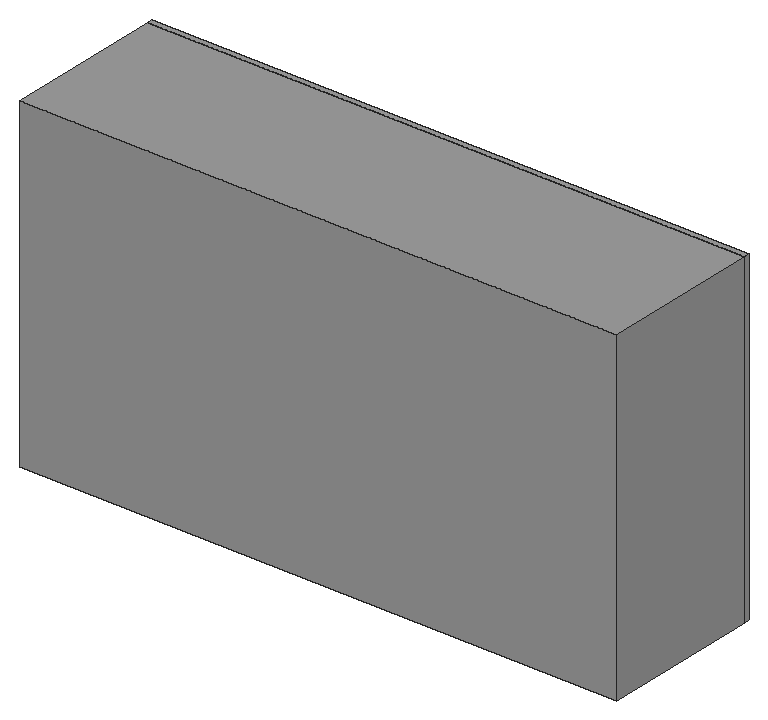
Revit family "Kubus M LED 1-s Sentr (opp_veggmontasje)", category Lighting Fixtures, Revit 2013
Parameters (values of type "23m")
  Width = 70 mm
  Wattage Comments = "17 W"
  Wattage = 9.2903 W
  built-in parameter 1150110 = 1 (stored number, unit not read)
  Voltage = 230 V
  URL = ""
  built-in parameter 1114217 = 1 (stored number, unit not read)
  Tilt Angle = 90.00°
  built-in parameter 1150109 = 1 (stored number, unit not read)
  built-in parameter 1150134 = 3
  Symbol Positive Direction [instance] = yes
  Symbol Offset Side [instance] = 0 mm
  Symbol Offset Out [instance] = 0 mm
  built-in parameter 1150113 = 1 (stored number, unit not read)
  Reference Line Out [instance] = 50 mm
  Photometric Web File = "20x42A12.ies"
  Number of Poles = 1
  built-in parameter 1150105 = 109.82 (stored number, unit not read)
  Lumens = 1380 lm
  built-in parameter 1150115 = 1 (stored number, unit not read)
  Load Classification [instance] = Other
  Model = ""
  Manufacturer = ""
  built-in parameter 1150137 = (empty or 0)
  built-in parameter 1150139 = (empty or 0)
  Length 1 = Length - 30 mm  # 225 mm
  Length = 255 mm
  built-in parameter 1150112 = 1 (stored number, unit not read)
  built-in parameter 1150114 = 1 (stored number, unit not read)
  Lamp = "1"
  built-in parameter 1150132 = (empty or 0)
  built-in parameter 1150102 = (empty or 0)
  built-in parameter 1150107 = 3200 (stored number, unit not read)
  built-in parameter 1150138 = (empty or 0)
  built-in parameter 1150106 = 1.0982 (stored number, unit not read)
  Height 1 = Height - 30 mm  # 110 mm
  Height = 140 mm
  Emit from Rectangle Width = Height  # 140 mm
  Emit from Rectangle Length = Length  # 255 mm
  Emit Shape Visible in Rendering = no
  built-in parameter 1150104 = 13.8 (stored number, unit not read)
  Dimming Lamp Color Temperature Shift = <None>
  Description = ""
  Color Filter = 16777215
  Body Material and Colour = Default
  built-in parameter 1114218 = 1 (stored number, unit not read)
  built-in parameter 1150133 = 10 (stored number, unit not read)
  Assembly Code = ""
  Apparent Load = 17 VA
  60m = no
  35m = no
  23m = yes
Types (3, lengths in mm): name | Reference Line Out | Length 1 | Length | Height 1 | Height | Emit from Rectangle Width | Emit from Rectangle Length | 60m | 35m | 23m
  23m | 50 | 225 | 255 | 110 | 140 | 140 | 255 | no | no | yes
  35m | 291.501 | 346 | 376 | 170 | 200 | 200 | 376 | no | yes | no
  60m | 50 | 575 | 605 | 285 | 315 | 315 | 605 | yes | no | no
Reference planes
  plane 1 "Light Source Axis (F/B)": y = 119.961
  plane 2 "Top": z = 83
  plane 3 "Light Source Axis (L/R)": x = 0
  plane 4 "Level": z = 0
  plane 5 "Bottom": z = -140
  plane 6: x = -127.5
  plane 7: x = 127.5
  plane 8: y = 187.961
  plane 9: y = 189.961
  plane 10: z = -15
  plane 11: x = -112.5
  plane 12: x = 112.5
  plane 13: z = -70
  plane 14: z = -125
Forms (mm)
  Extrusion 1, solid, material "Default" <- "Body Material and Colour"
    sketch origin (0, 119.961, 0) x (1, 0, 0) y (0, 0, 1)
      loop
        line (-127.5, 0) -> (-127.5, -140) -> (127.5, -140) -> (127.5, 0) -> (-127.5, 0)
    from 0 to -68
  Extrusion 2, solid, material "Default" <- "Body Material and Colour"
    sketch origin (0, 119.961, 0) x (1, 0, 0) y (0, 0, 1)
      loop
        line (-127.5, 0) -> (-127.5, -140) -> (127.5, -140) -> (127.5, 0) -> (-127.5, 0)
      loop
        line (-112.5, -15) -> (-112.5, -125) -> (112.5, -125) -> (112.5, -15) -> (-112.5, -15)
    from -70 to -68
Lines and regions (mm)
  model lines, style "InvisibleLines"
    curve 1: line (0, 119.961, 0) -> (0, 169.961, 0)
Dimensions and locks
  equal spacing: plane 6, plane 3 "Light Source Axis (L/R)", plane 7
  "Length": plane 6 to plane 7
  plane 8 to plane 1 "Light Source Axis (F/B)" = 68 mm
  locked: plane 9 to plane 8 at 2
  equal spacing: plane 4 "Level", plane 13, plane 5 "Bottom"
  "Height": plane 4 "Level" to plane 5 "Bottom"
  equal spacing: plane 11, plane 3 "Light Source Axis (L/R)", plane 12
  "Length 1": plane 11 to plane 12
  equal spacing: plane 10, plane 13, plane 14
  "Height 1": plane 10 to plane 14
  "Width": plane 1 "Light Source Axis (F/B)" to plane 9
  "Reference Line Out": plane 1 "Light Source Axis (F/B)" to curve 1
  aligned and locked: plane 4 "Level" to level
  aligned and locked: plane 8 to nested 2
  aligned and locked: nested 2 to plane 13
  aligned and locked: plane 3 "Light Source Axis (L/R)" to nested 3
  aligned and locked: plane 1 "Light Source Axis (F/B)" to nested 3
  aligned and locked: plane 8 to nested 1
  aligned and locked: plane 4 "Level" to Extrusion 1 sketch curve
  aligned and locked: plane 6 to Extrusion 1 sketch curve
  aligned and locked: plane 5 "Bottom" to Extrusion 1 sketch curve
  aligned and locked: Extrusion 1 sketch curve to plane 7
  aligned and locked: Extrusion 1 to plane 8
  aligned and locked: plane 1 "Light Source Axis (F/B)" to Extrusion 1
  aligned and locked: plane 4 "Level" to Extrusion 2 sketch curve
  aligned and locked: Extrusion 2 sketch curve to plane 7
  aligned and locked: plane 5 "Bottom" to Extrusion 2 sketch curve
  aligned and locked: plane 6 to Extrusion 2 sketch curve
  aligned and locked: Extrusion 2 sketch curve to plane 10
  aligned and locked: plane 11 to Extrusion 2 sketch curve
  aligned and locked: plane 14 to Extrusion 2 sketch curve
  aligned and locked: Extrusion 2 sketch curve to plane 12
  aligned and locked: plane 8 to Extrusion 2
  aligned and locked: Extrusion 2 to plane 9
  aligned and locked: nested 1 to plane 13
  aligned and locked: plane 13 to nested 4
  aligned and locked: plane 3 "Light Source Axis (L/R)" to nested 4
  aligned and locked: plane 8 to nested 4
  aligned and locked: imposter light to plane 9
  aligned and locked: plane 13 to imposter light
  aligned and locked: plane 1 "Light Source Axis (F/B)" to curve 1
  aligned and locked: plane 3 "Light Source Axis (L/R)" to curve 1
Nested families
  nested 1: "23m_opp" at (0, 187.961, -70), visible <- "23m", type "23m"
  nested 2: "35m_opp" at (0, 187.961, -70), visible <- "35m", type "35m"
  nested 3: "MarkeringslysS" at (0, 119.961, 0), type "Type 1"
  nested 4: "60m_opp" at (0, 189.961, -70), visible <- "60m", type "60m"
Connectors
  electrical at (0, 119.961, 0), driven by "Number of Poles", driven by "Load Classification", driven by "Voltage", driven by "Apparent Load"
    settings: index 1, voltage 230 V, apparent load 0 VA, apparent load phase1 17 VA, apparent load phase2 0 VA, apparent load phase3 0 VA, power factor 1, load classification "Other", number of poles 1, system type 31, power factor state 1, is connector primary yes, connector utility no, sub classification motor no, connector description ""
Definition of nested family "23m_opp"
  Parameters (values of type "23m")
    Material = yes
    L = 205 mm
    H = 135 mm
  Reference planes
    plane 1 "Center (Front/Back)": y = 0
    plane 2: z = 0
    plane 3 "Center (Left/Right)": x = 0
    plane 4: y = -2
  Forms (mm)
    Extrusion 1, solid, material "Green", visible <- "Material"
      sketch origin (453.48, 0, -265.275) x (1, 0, 0) y (0, 0, 1)
        loop
          line (-565.98, 320.275) -> (-565.98, 210.275) -> (-340.98, 210.275) -> (-340.98, 320.275) -> (-565.98, 320.275)
        loop
          circle (-476.016, 303.483) r 7
        loop
          line (-481.75, 291.17) -> (-487.361, 295.878) -> (-520.988, 289.33) -> (-529.417, 276.351)
          arc (-529.417, 276.351) -> (-529.687, 274.892) -> (-528.847, 273.669) r 1.939
          line (-528.847, 273.669) -> (-526.607, 272.215)
          arc (-526.607, 272.215) -> (-525.099, 271.956) -> (-523.872, 272.872) r 1.939
          line (-523.872, 272.872) -> (-517.815, 283.363) -> (-500.998, 286.638) -> (-517.274, 258.447) -> (-534.044, 258.447)
          arc (-534.044, 258.447) -> (-536.329, 257.5) -> (-537.275, 255.215) r 3.232
          line (-537.275, 255.215) -> (-537.275, 251.984)
          arc (-537.275, 251.984) -> (-536.329, 249.699) -> (-534.044, 248.752) r 3.232
          line (-534.044, 248.752) -> (-500.482, 248.752) -> (-495.318, 257.695) -> (-488.801, 252.226) -> (-488.801, 225.892)
          arc (-488.801, 225.892) -> (-487.854, 223.607) -> (-485.569, 222.661) r 3.232
          line (-485.569, 222.661) -> (-482.337, 222.661)
          arc (-482.337, 222.661) -> (-480.052, 223.607) -> (-479.106, 225.892) r 3.232
          line (-479.106, 225.892) -> (-479.106, 256.746) -> (-490.396, 266.22) -> (-485.474, 274.746) -> (-474.724, 265.726)
          arc (-474.724, 265.726) -> (-473.309, 265.28) -> (-471.993, 265.965) r 1.939
          line (-471.993, 265.965) -> (-470.331, 267.946)
          arc (-470.331, 267.946) -> (-469.885, 269.361) -> (-470.57, 270.677) r 1.939
          line (-470.57, 270.677) -> (-482.192, 280.43) -> (-478.099, 287.519) -> (-481.75, 291.17)
        loop
          line (-420.342, 284.775) -> (-420.342, 271.775) -> (-405.175, 286.941) -> (-405.175, 222.775) -> (-392.175, 222.775) -> (-392.175, 286.941) -> (-377.008, 271.775) -> (-377.008, 284.775) -> (-398.675, 306.441) -> (-420.342, 284.775)
      from 0 to 2
  Dimensions and locks
    aligned and locked: level to plane 2
Definition of nested family "35m_opp"
  Parameters (values of type "35m")
    Material = yes
    L = 425.577 mm
    H = 260 mm
  Reference planes
    plane 1 "Center (Front/Back)": y = 0
    plane 2: z = 0
    plane 3 "Center (Left/Right)": x = 0
    plane 4: y = -2
  Forms (mm)
    Extrusion 1, solid, material "Green", visible <- "Material"
      sketch origin (0, 0, 0) x (1, 0, 0) y (0, 0, 1)
        loop
          line (-173, 85) -> (-173, -85) -> (173, -85) -> (173, 85) -> (-173, 85)
        loop
          circle (-41.697, 48.678) r 8.988
        loop
          line (-49.059, 32.868) -> (-56.264, 38.913) -> (-99.442, 30.506) -> (-110.264, 13.841)
          arc (-110.264, 13.841) -> (-110.611, 11.967) -> (-109.532, 10.397) r 2.49
          line (-109.532, 10.397) -> (-106.657, 8.53)
          arc (-106.657, 8.53) -> (-104.72, 8.197) -> (-103.145, 9.373) r 2.49
          line (-103.145, 9.373) -> (-95.367, 22.844) -> (-73.774, 27.049) -> (-94.672, -9.148) -> (-116.205, -9.148)
          arc (-116.205, -9.148) -> (-119.139, -10.364) -> (-120.355, -13.298) r 4.149
          line (-120.355, -13.298) -> (-120.355, -17.447)
          arc (-120.355, -17.447) -> (-119.139, -20.381) -> (-116.205, -21.597) r 4.149
          line (-116.205, -21.597) -> (-73.111, -21.597) -> (-66.481, -10.114) -> (-58.112, -17.137) -> (-58.112, -50.949)
          arc (-58.112, -50.949) -> (-56.897, -53.883) -> (-53.963, -55.098) r 4.149
          line (-53.963, -55.098) -> (-49.813, -55.098)
          arc (-49.813, -55.098) -> (-46.879, -53.883) -> (-45.664, -50.949) r 4.149
          line (-45.664, -50.949) -> (-45.664, -11.332) -> (-60.161, 0.833) -> (-53.841, 11.78) -> (-40.038, 0.198)
          arc (-40.038, 0.198) -> (-38.221, -0.375) -> (-36.531, 0.505) r 2.49
          line (-36.531, 0.505) -> (-34.397, 3.048)
          arc (-34.397, 3.048) -> (-33.824, 4.865) -> (-34.704, 6.556) r 2.49
          line (-34.704, 6.556) -> (-49.627, 19.078) -> (-44.372, 28.181) -> (-49.059, 32.868)
        loop
          line (46.366, 28.333) -> (46.366, 3.333) -> (75.533, 32.5) -> (75.533, -71.667) -> (100.533, -71.667) -> (100.533, 32.5) -> (129.699, 3.333) -> (129.699, 28.333) -> (88.033, 70) -> (46.366, 28.333)
      from 0 to 2
  Dimensions and locks
    aligned and locked: level to plane 2
    aligned and locked: plane 4 to Extrusion 1
    aligned and locked: Extrusion 1 to plane 1 "Center (Front/Back)"
    aligned and locked: Extrusion 1 to plane 4
Definition of nested family "60m_opp"
  Parameters (values of type "60m")
    Material = yes
    L = 425.577 mm
    H = 260 mm
  Reference planes
    plane 1 "Center (Front/Back)": y = 0
    plane 2: z = 0
    plane 3 "Center (Left/Right)": x = 0
    plane 4: y = -2
  Forms (mm)
    Extrusion 1, solid, material "Green", visible <- "Material"
      sketch origin (0, 0, 0) x (1, 0, 0) y (0, 0, 1)
        loop
          line (-287.5, 142.5) -> (-287.5, -142.5) -> (287.5, -142.5) -> (287.5, 142.5) -> (-287.5, 142.5)
        loop
          circle (-89.224, 88.058) r 17.538
        loop
          line (-103.589, 57.208) -> (-117.647, 69.004) -> (-201.898, 52.599) -> (-223.014, 20.082)
          arc (-223.014, 20.082) -> (-223.692, 16.426) -> (-221.586, 13.362) r 4.858
          line (-221.586, 13.362) -> (-215.976, 9.718)
          arc (-215.976, 9.718) -> (-212.196, 9.069) -> (-209.123, 11.364) r 4.858
          line (-209.123, 11.364) -> (-193.947, 37.65) -> (-151.813, 45.854) -> (-192.591, -24.776) -> (-234.607, -24.776)
          arc (-234.607, -24.776) -> (-240.332, -27.148) -> (-242.704, -32.873) r 8.097
          line (-242.704, -32.873) -> (-242.704, -40.969)
          arc (-242.704, -40.969) -> (-240.332, -46.695) -> (-234.607, -49.066) r 8.097
          line (-234.607, -49.066) -> (-150.52, -49.066) -> (-137.584, -26.66) -> (-121.254, -40.363) -> (-121.254, -106.339)
          arc (-121.254, -106.339) -> (-118.882, -112.064) -> (-113.157, -114.436) r 8.097
          line (-113.157, -114.436) -> (-105.06, -114.436)
          arc (-105.06, -114.436) -> (-99.335, -112.064) -> (-96.964, -106.339) r 8.097
          line (-96.964, -106.339) -> (-96.964, -29.037) -> (-125.251, -5.3) -> (-112.919, 16.06) -> (-85.987, -6.539)
          arc (-85.987, -6.539) -> (-82.441, -7.657) -> (-79.143, -5.94) r 4.858
          line (-79.143, -5.94) -> (-74.979, -0.978)
          arc (-74.979, -0.978) -> (-73.861, 2.568) -> (-75.578, 5.866) r 4.858
          line (-75.578, 5.866) -> (-104.697, 30.3) -> (-94.443, 48.062) -> (-103.589, 57.208)
        loop
          line (72.479, 38.33) -> (72.479, -2.503) -> (120.117, 45.135) -> (120.117, -125) -> (160.949, -125) -> (160.949, 45.135) -> (208.587, -2.503) -> (208.587, 38.33) -> (140.533, 106.384) -> (72.479, 38.33)
      from 0 to 2
  Dimensions and locks
    aligned and locked: level to plane 2
    aligned and locked: Extrusion 1 to plane 4  (x2)
    aligned and locked: Extrusion 1 to plane 1 "Center (Front/Back)"
Definition of nested family "MarkeringslysS"
  Parameters (values of type "Type 1")
    CQ Symbol Positive Direction = yes
    CQ Symbol Negative Direction = not(CQ Symbol Positive Direction)  # no
    CQ Symbol Offset Side = 0 mm
    CQ Symbol Offset Out = 0 mm
  Reference planes
    plane 1: y = 0
    plane 2: x = 0
  Dimensions and locks
    "CQ Symbol Offset Out": plane 1 to nested 1
    "CQ Symbol Offset Out": plane 1 to nested 2
    "CQ Symbol Offset Side": plane 2 to nested 2
    "CQ Symbol Offset Side": nested 1 to plane 2
  Nested families
    nested 1: "LedelysSub" at (0, 0, 0), visible <- "CQ Symbol Negative Direction", type "Type 1"
    nested 2: "LedelysSub" at (0, 0, 0), visible <- "CQ Symbol Positive Direction", type "Type 1"
  Definition of nested family "LedelysSub"
    Reference planes
      plane 1: y = 0
      plane 2: x = 0
    Lines and regions (mm)
      Filled region 1, type "Filled region 1"
        outline origin (64.576, 53.459, 0) x (1, 0, 0) y (0, 1, 0)
          loop
            arc (-65.575, -52.307) -> (-65.224, -51.459) -> (-65.575, -50.61) r 1.2
            line (-65.575, -50.61) -> (-66.424, -51.459) -> (-65.575, -52.307)
      Filled region 2, type "Filled region 1"
        outline origin (-68.271, 53.459, 0) x (0, 1, 0) y (-1, 0, 0)
          loop
            line (-52.307, -65.575) -> (-51.459, -66.424) -> (-50.61, -65.575)
            arc (-50.61, -65.575) -> (-51.459, -65.224) -> (-52.307, -65.575) r 1.2
      detail lines
        curve 1: line (-4, 0, 0) -> (4, 0, 0)
        curve 2: line (4, 0, 0) -> (4, 4, 0)
        curve 3: line (4, 4, 0) -> (-4, 4, 0)
        curve 4: line (-4, 4, 0) -> (-4, 0, 0)
        curve 5: line (-3.097, 0.75, 0) -> (-0.597, 3.25, 0)
        curve 6: line (-3.097, 3.25, 0) -> (-0.597, 0.75, 0)
        curve 7: circle (-1.847, 2, 0) r 1.2 normal (0, 0, 1)
    Text (mm)
      text "ML" at (2.179, 3.025, 0)
    Dimensions and locks
      aligned and locked: Filled region 1 sketch curve to curve 7
